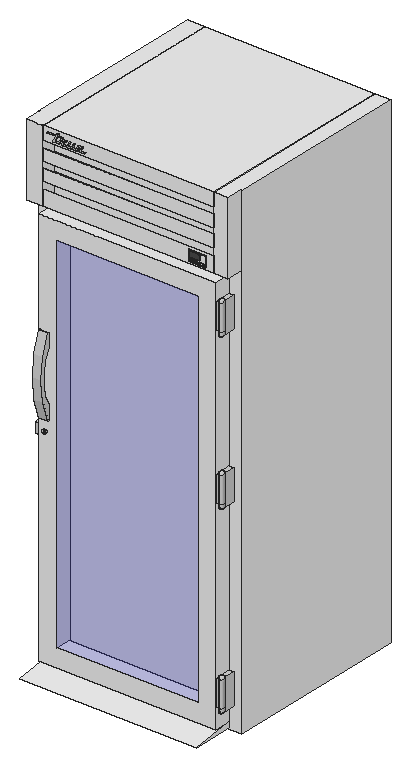
Revit family
Parameters
  Weight in Pounds = 0
  Watts = Volts * FL Amps  # 1023.5 W
  Volts = 115 V
  URL Cutsheet = "www.truemfg.com"
  URL = "www.truemfg.com"
  Type Mark [instance] = ""
  Type Comments = ""
  Status [instance] = ""
  Specification by User [instance] = ""
  Specification by Manufacturer = ""
  Show Logo [instance] = yes
  Show Clearance [instance] = yes
  Serial Number = ""
  Seismic Rating = ""
  SMACNA No = ""
  Revision Code [instance] = ""
  Phase = 1
  Omniclass Number and Title = ""
  Number of Poles [instance] = 1
  NAFEM Spec ID Number = ""
  Model = "STR1RRI-1G"
  Min Ckt Ampacity = 0 A
  Max Overcurrent Protection = 0 A
  Masterspec = ""
  Manufacturer = "TRUE FOOD SERVICE EQUIPMENT, INC."
  Length = 35"
  Item Number [instance] = ""
  Installed By [instance] = ""
  Identify Quantity as Lot [instance] = yes
  Height = 83 3/4"
  HP = "1/3"
  Furnished By [instance] = ""
  Foodservice Equipment Identifier [instance] = yes
  FL Amps = 8.9 A
  Electrical Remarks [instance] = ""
  Electric Connection Type [instance] = ""
  Elec Conn RI Height [instance] = 0"
  Elec Conn Connection Height [instance] = 0"
  Description = "Roll-in Glass Swing Door Refrigerator"
  Depth = 34 3/4"
  Cycle = 60 Hz
  Conn Plug = "5-15P"
  Conn Conduit = yes
  CSI MasterFormat = ""
  CSI Master Format = ""
  Apparent Power = if(Phase = 3, Volts * FL Amps * 1.73, Volts * FL Amps)  # 1023.5 VA
Reference planes (in)
  plane 1 "BACK": y = 0
  plane 2: z = 0
  plane 3 "LEFT": x = 0
  plane 4 "RIGHT": x = 35
  plane 5 "FRONT": y = -34.75
  plane 6 "TOP": z = 83.75
  plane 7: x = 2.84375
  plane 8: y = -34.7042
  plane 9: x = 32.15625
  plane 10: z = 69.90625
Forms (in)
  Extrusion 1, solid, material "QF_Finishes_Chrome - Satin"
    sketch origin (0.05, 0, 0) x (1, 0, 0) y (0, 1, 0)
      loop
        line (-0.05, 0) -> (-0.05, -32) -> (2.87859, -32) -> (2.87859, 0) -> (-0.05, 0)
    from 0 to 83.75
  Extrusion 2, solid, material "QF_Finishes_Chrome - Satin"
    sketch origin (50.15, 0, 0) x (1, 0, 0) y (0, 1, 0)
      loop
        line (-17.85, 0) -> (-17.85, -32) -> (-15.15, -32) -> (-15.15, 0) -> (-17.85, 0)
    from 0 to 83.75
  Extrusion 3, solid, material "QF_Finishes_Chrome - Satin"
    sketch origin (0, 0, 0) x (0, 1, 0) y (0, 0, 1)
      loop
        line (-34.7042, 71.28125) -> (-32, 71.28125) -> (-32, 0) -> (0, 0) -> (0, 83.75) -> (-34.7042, 83.75) -> (-34.7042, 81.46828) -> (-32.5, 79.90102) -> (-32.5, 78.77875) -> (-34.7042, 80.34601) -> (-34.7042, 78.2123) -> (-32.5, 76.64504) -> (-32.5, 75.68428) -> (-34.7042, 77.25154) -> (-34.7042, 75.15534) -> (-32.5, 73.58807) -> (-32.5, 72.3125) -> (-34.7042, 73.87976) -> (-34.7042, 71.28125)
    from 2.92859 to 32.3
  Extrusion 4, solid, material "QF_Finishes_Chrome - Satin"
    sketch origin (0, 0, 0) x (1, 0, 0) y (0, 1, 0)
      loop
        line (34.84782, -32) -> (32.3, -32) -> (32.3, -34.75) -> (34.84782, -34.75) -> (34.84782, -32)
    from 71.28125 to 83.75
  Extrusion 5, solid, material "QF_Finishes_Chrome - Satin"
    sketch origin (-50.125, 0, 0.25) x (1, 0, 0) y (0, 1, 0)
      loop
        line (53.05359, -32) -> (50.24109, -32) -> (50.24109, -34.75) -> (53.05359, -34.75) -> (53.05359, -32)
    from 71.03125 to 83.5
  Extrusion 6, solid, material "QF_Finishes_Handrails and Railings", visible <- "Show Logo"
    sketch origin (0.33478, 0.06376, 5.01857) x (1, 0, 0) y (0, 0, 1)
      loop
        line (3.46044, 78.08731) -> (3.35478, 77.86073) -> (4.76027, 77.86073)
        arc (4.76027, 77.86073) -> (4.78879, 77.81028) -> (4.76027, 77.75984) r 0.05887
        line (4.76027, 77.75984) -> (4.39369, 76.97372)
        arc (4.39369, 76.97372) -> (4.39051, 76.90091) -> (4.43975, 76.84717) r 0.09523
        line (4.43975, 76.84717) -> (5.33844, 76.84717)
        arc (5.33844, 76.84717) -> (5.45192, 76.88295) -> (5.52436, 76.97735) r 0.19785
        line (5.52436, 76.97735) -> (5.81285, 77.59601) -> (6.0779, 77.59601)
        arc (6.0779, 77.59601) -> (6.14744, 77.57043) -> (6.13737, 77.49703) r 0.05911
        line (6.13737, 77.49703) -> (5.89598, 76.97937)
        arc (5.89598, 76.97937) -> (5.89974, 76.8934) -> (5.97231, 76.84717) r 0.09318
        line (5.97231, 76.84717) -> (6.76198, 76.84717)
        arc (6.76198, 76.84717) -> (6.82249, 76.86919) -> (6.85468, 76.92495) r 0.09412
        arc (6.85468, 76.92495) -> (6.87746, 76.86995) -> (6.93246, 76.84717) r 0.07778
        line (6.93246, 76.84717) -> (7.43246, 76.84717)
        arc (7.43246, 76.84717) -> (7.49022, 76.86265) -> (7.53251, 76.90493) r 0.11552
        arc (7.53251, 76.90493) -> (7.55275, 76.85606) -> (7.60162, 76.83581) r 0.06912
        line (7.60162, 76.83581) -> (8.31225, 76.83581)
        arc (8.31225, 76.83581) -> (8.37034, 76.85988) -> (8.39441, 76.91797) r 0.08216
        arc (8.39441, 76.91797) -> (8.44767, 76.86472) -> (8.52042, 76.84522) r 0.14551
        line (8.52042, 76.84522) -> (9.85158, 76.84522) -> (9.99946, 77.10134) -> (8.65678, 77.10134)
        arc (8.65678, 77.10134) -> (8.61972, 77.12704) -> (8.61834, 77.17211) r 0.05009
        line (8.61834, 77.17211) -> (8.64157, 77.22192)
        arc (8.64157, 77.22192) -> (8.67723, 77.26864) -> (8.73327, 77.28635) r 0.09747
        line (8.73327, 77.28635) -> (9.16485, 77.28635)
        arc (9.16485, 77.28635) -> (9.258, 77.31131) -> (9.32619, 77.3795) r 0.1863
        line (9.32619, 77.3795) -> (9.45119, 77.59601)
        arc (9.45119, 77.59601) -> (9.45119, 77.71157) -> (9.35111, 77.76934) r 0.11556
        line (9.35111, 77.76934) -> (8.89562, 77.76934)
        arc (8.89562, 77.76934) -> (8.7795, 77.74962) -> (8.69849, 77.66412) r 0.18605
        line (8.69849, 77.66412) -> (8.48204, 77.19993)
        arc (8.48204, 77.19993) -> (8.41815, 77.11667) -> (8.31806, 77.08511) r 0.1745
        line (8.31806, 77.08511) -> (7.84559, 77.08511)
        arc (7.84559, 77.08511) -> (7.78903, 77.14684) -> (7.79268, 77.23048) r 0.10939
        line (7.79268, 77.23048) -> (8.04395, 77.76934) -> (7.88403, 77.76934) -> (7.61781, 77.19844)
        arc (7.61781, 77.19844) -> (7.56609, 77.13103) -> (7.48505, 77.10548) r 0.14128
        line (7.48505, 77.10548) -> (7.15925, 77.10548)
        arc (7.15925, 77.10548) -> (7.10419, 77.17723) -> (7.116, 77.26689) r 0.11816
        line (7.116, 77.26689) -> (7.3503, 77.76934) -> (7.18514, 77.76934) -> (6.91546, 77.191)
        arc (6.91546, 77.191) -> (6.85285, 77.12839) -> (6.76733, 77.10548) r 0.17104
        line (6.76733, 77.10548) -> (6.29555, 77.10548)
        arc (6.29555, 77.10548) -> (6.21082, 77.14499) -> (6.20267, 77.23813) r 0.0935
        line (6.20267, 77.23813) -> (6.35774, 77.57069) -> (6.57695, 77.57069)
        arc (6.57695, 77.57069) -> (6.61395, 77.68217) -> (6.69267, 77.76934) r 0.2857
        line (6.69267, 77.76934) -> (5.83605, 77.76934)
        arc (5.83605, 77.76934) -> (5.74086, 77.74824) -> (5.67498, 77.67635) r 0.16212
        line (5.67498, 77.67635) -> (5.44279, 77.17841)
        arc (5.44279, 77.17841) -> (5.3894, 77.12502) -> (5.31647, 77.10548) r 0.14586
        line (5.31647, 77.10548) -> (4.80506, 77.10548)
        arc (4.80506, 77.10548) -> (4.76514, 77.15942) -> (4.77274, 77.22609) r 0.09155
        line (4.77274, 77.22609) -> (5.11018, 77.86073) -> (5.96155, 77.86073) -> (6.06721, 78.08731) -> (5.21584, 78.08731) -> (5.32149, 78.31388) -> (5.01862, 78.31388) -> (4.91297, 78.08731) -> (3.46044, 78.08731)
      loop
        arc (8.83805, 77.56363) -> (8.80119, 77.55375) -> (8.7742, 77.52676) r 0.07373
        line (8.7742, 77.52676) -> (8.75229, 77.45936)
        arc (8.75229, 77.45936) -> (8.76245, 77.43483) -> (8.78699, 77.42466) r 0.0347
        line (8.78699, 77.42466) -> (9.15948, 77.42466)
        arc (9.15948, 77.42466) -> (9.18632, 77.43061) -> (9.20812, 77.44734) r 0.0635
        line (9.20812, 77.44734) -> (9.22624, 77.53122)
        arc (9.22624, 77.53122) -> (9.22091, 77.55368) -> (9.20009, 77.56363) r 0.02676
        line (9.20009, 77.56363) -> (8.83805, 77.56363)
    from 34.76797 to 34.83173
  Extrusion 7, solid, material "QF_Finishes_White"
    sketch origin (-22.74812, 0.0458, -7.91247) x (1, 0, 0) y (0, 0, 1)
      loop
        line (50.81732, 81.35727) -> (50.81732, 79.60996) -> (53.72357, 79.60996) -> (53.72357, 81.35727) -> (50.81732, 81.35727)
    from 34.75 to 34.76797
  Extrusion 8, solid, material "QF_Finishes_Black"
    sketch origin (-22.74812, 0.0458, -7.91247) x (1, 0, 0) y (0, 0, 1)
      loop
        line (53.78607, 81.41977) -> (50.75482, 81.41977) -> (50.75482, 79.54746) -> (53.78607, 79.54746) -> (53.78607, 81.41977)
      loop
        spline (50.95482, 79.87872) -> (50.96333, 79.86254) -> (50.98831, 79.84747) -> (51.02804, 79.83452) -> (51.07982, 79.82459) -> (51.14011, 79.81835) -> (51.20482, 79.81622) -> (51.26952, 79.81835) -> (51.32982, 79.82459) -> (51.38159, 79.83452) -> (51.42132, 79.84747) -> (51.4463, 79.86254) -> (51.45482, 79.87872)
        spline (51.45482, 79.87872) -> (51.4463, 79.89489) -> (51.42132, 79.90997) -> (51.38159, 79.92291) -> (51.32982, 79.93284) -> (51.26952, 79.93909) -> (51.20482, 79.94122) -> (51.14011, 79.93909) -> (51.07982, 79.93284) -> (51.02804, 79.92291) -> (50.98831, 79.90997) -> (50.96333, 79.89489) -> (50.95482, 79.87872)
      loop
        spline (51.65083, 79.87872) -> (51.65935, 79.86254) -> (51.68432, 79.84747) -> (51.72405, 79.83452) -> (51.77583, 79.82459) -> (51.83612, 79.81835) -> (51.90083, 79.81622) -> (51.96553, 79.81835) -> (52.02583, 79.82459) -> (52.07761, 79.83452) -> (52.11734, 79.84747) -> (52.14231, 79.86254) -> (52.15083, 79.87872)
        spline (52.15083, 79.87872) -> (52.14231, 79.89489) -> (52.11734, 79.90997) -> (52.07761, 79.92291) -> (52.02583, 79.93284) -> (51.96553, 79.93909) -> (51.90083, 79.94122) -> (51.83612, 79.93909) -> (51.77583, 79.93284) -> (51.72405, 79.92291) -> (51.68432, 79.90997) -> (51.65935, 79.89489) -> (51.65083, 79.87872)
      loop
        spline (52.40083, 79.87872) -> (52.40935, 79.86254) -> (52.43432, 79.84747) -> (52.47405, 79.83452) -> (52.52583, 79.82459) -> (52.58612, 79.81835) -> (52.65083, 79.81622) -> (52.71553, 79.81835) -> (52.77583, 79.82459) -> (52.82761, 79.83452) -> (52.86734, 79.84747) -> (52.89231, 79.86254) -> (52.90083, 79.87872)
        spline (52.90083, 79.87872) -> (52.89231, 79.89489) -> (52.86734, 79.90997) -> (52.82761, 79.92291) -> (52.77583, 79.93284) -> (52.71553, 79.93909) -> (52.65083, 79.94122) -> (52.58612, 79.93909) -> (52.52583, 79.93284) -> (52.47405, 79.92291) -> (52.43432, 79.90997) -> (52.40935, 79.89489) -> (52.40083, 79.87872)
      loop
        line (50.95481, 81.21978) -> (50.95481, 80.21978) -> (52.65433, 80.21978) -> (52.65433, 81.21978) -> (50.95481, 81.21978)
      loop
        line (53.72357, 81.35727) -> (50.81732, 81.35727) -> (50.81732, 79.60996) -> (53.72357, 79.60996) -> (53.72357, 81.35727)
      loop
        spline (53.15083, 79.87872) -> (53.15935, 79.86254) -> (53.18432, 79.84747) -> (53.22405, 79.83452) -> (53.27583, 79.82459) -> (53.33612, 79.81835) -> (53.40083, 79.81622) -> (53.46553, 79.81835) -> (53.52583, 79.82459) -> (53.57761, 79.83452) -> (53.61734, 79.84747) -> (53.64231, 79.86254) -> (53.65083, 79.87872)
        spline (53.65083, 79.87872) -> (53.64231, 79.89489) -> (53.61734, 79.90997) -> (53.57761, 79.92291) -> (53.52583, 79.93284) -> (53.46553, 79.93909) -> (53.40083, 79.94122) -> (53.33612, 79.93909) -> (53.27583, 79.93284) -> (53.22405, 79.92291) -> (53.18432, 79.90997) -> (53.15935, 79.89489) -> (53.15083, 79.87872)
    from 34.76797 to 34.80335
  Extrusion 9, solid
    sketch origin (-25.125, 0, 0) x (1, 0, 0) y (0, 0, 1)
      loop
        circle (56.875, 81.625) r 0.25
    from 0 to 0.0625
  Extrusion 10, solid, material "QF_Finishes_Handrails and Railings"
    sketch origin (33.78125, 0, 3) x (0, 1, 0) y (0, 0, -1)
      loop
        line (-32, -64.17729) -> (-32, -58.86127) -> (-34.25, -58.86127) -> (-34.25, -59.57348) -> (-33.81497, -59.57348) -> (-33.81497, -63.97276)
        arc (-33.81497, -63.97276) -> (-33.75506, -64.11738) -> (-33.61044, -64.17729) r 0.20453
        line (-33.61044, -64.17729) -> (-32, -64.17729)
    from 0.17506 to 1
  Revolve 11, solid, material "QF_Finishes_Handrails and Railings"
    sketch origin (33.28125, 0, 3) x (0, 1, 0) y (0, 0, -1)
      loop
        line (-34.26563, -59.62689) -> (-34.67229, -59.62689) -> (-34.67229, -64.0986)
        arc (-34.67229, -64.0986) -> (-34.53722, -64.35057) -> (-34.26563, -64.43983) r 0.3848
        line (-34.26563, -64.43983) -> (-34.26563, -59.62689)
      loop
        line (-34.26563, -59.57348) -> (-34.26563, -58.67281)
        arc (-34.26563, -58.67281) -> (-34.53264, -58.75883) -> (-34.67229, -59.00212) r 0.38884
        line (-34.67229, -59.00212) -> (-34.67229, -59.57348) -> (-34.26563, -59.57348)
      axis (-34.26563, -58.67281) -> (-34.26563, -64.43983)
    angle from 0 to 360
  Extrusion 12, solid, material "QF_Finishes_Handrails and Railings"
    sketch origin (27.5, -1.07734, 3.0011) x (-1, 0, 0) y (0, 0, -1)
      loop
        line (-5.58509, -64.0986) -> (-5.1875, -64.0986) -> (-5.1875, -59.62579) -> (-5.58509, -59.62579) -> (-5.58509, -64.0986)
    from 32.81497 to 33.59495
  Extrusion 13, solid, material "QF_Finishes_Handrails and Railings"
    sketch origin (33.78125, 0, -24) x (0, 1, 0) y (0, 0, -1)
      loop
        line (-32, -64.55229) -> (-32, -59.23627) -> (-34.25, -59.23627) -> (-34.25, -59.94848) -> (-33.81497, -59.94848) -> (-33.81497, -64.34776)
        arc (-33.81497, -64.34776) -> (-33.75506, -64.49238) -> (-33.61044, -64.55229) r 0.20453
        line (-33.61044, -64.55229) -> (-32, -64.55229)
    from 0.17506 to 1
  Revolve 14, solid, material "QF_Finishes_Handrails and Railings"
    sketch origin (33.28125, 0, -24) x (0, 1, 0) y (0, 0, -1)
      loop
        line (-34.26563, -60.00189) -> (-34.67229, -60.00189) -> (-34.67229, -64.4736)
        arc (-34.67229, -64.4736) -> (-34.53722, -64.72557) -> (-34.26563, -64.81483) r 0.3848
        line (-34.26563, -64.81483) -> (-34.26563, -60.00189)
      loop
        line (-34.26563, -59.94848) -> (-34.26563, -59.04781)
        arc (-34.26563, -59.04781) -> (-34.53264, -59.13383) -> (-34.67229, -59.37712) r 0.38884
        line (-34.67229, -59.37712) -> (-34.67229, -59.94848) -> (-34.26563, -59.94848)
      axis (-34.26563, -59.04781) -> (-34.26563, -64.81483)
    angle from 0 to 360
  Extrusion 15, solid, material "QF_Finishes_Handrails and Railings"
    sketch origin (27.5, -1.07734, -23.9989) x (-1, 0, 0) y (0, 0, -1)
      loop
        line (-5.58509, -64.4736) -> (-5.1875, -64.4736) -> (-5.1875, -60.00079) -> (-5.58509, -60.00079) -> (-5.58509, -64.4736)
    from 32.81497 to 33.59495
  Extrusion 16, solid, material "QF_Finishes_Handrails and Railings"
    sketch origin (33.78125, 0, -55.5) x (0, 1, 0) y (0, 0, -1)
      loop
        line (-32, -64.55229) -> (-32, -59.23627) -> (-34.25, -59.23627) -> (-34.25, -59.94848) -> (-33.81497, -59.94848) -> (-33.81497, -64.34776)
        arc (-33.81497, -64.34776) -> (-33.75506, -64.49238) -> (-33.61044, -64.55229) r 0.20453
        line (-33.61044, -64.55229) -> (-32, -64.55229)
    from 0.17506 to 1
  Revolve 17, solid, material "QF_Finishes_Handrails and Railings"
    sketch origin (33.28125, 0, -55.5) x (0, 1, 0) y (0, 0, -1)
      loop
        line (-34.26563, -60.00189) -> (-34.67229, -60.00189) -> (-34.67229, -64.4736)
        arc (-34.67229, -64.4736) -> (-34.53722, -64.72557) -> (-34.26563, -64.81483) r 0.3848
        line (-34.26563, -64.81483) -> (-34.26563, -60.00189)
      loop
        line (-34.26563, -59.94848) -> (-34.26563, -59.04781)
        arc (-34.26563, -59.04781) -> (-34.53264, -59.13383) -> (-34.67229, -59.37712) r 0.38884
        line (-34.67229, -59.37712) -> (-34.67229, -59.94848) -> (-34.26563, -59.94848)
      axis (-34.26563, -59.04781) -> (-34.26563, -64.81483)
    angle from 0 to 360
  Extrusion 18, solid, material "QF_Finishes_Handrails and Railings"
    sketch origin (27.5, -1.07734, -55.4989) x (-1, 0, 0) y (0, 0, -1)
      loop
        line (-5.58509, -64.4736) -> (-5.1875, -64.4736) -> (-5.1875, -60.00079) -> (-5.58509, -60.00079) -> (-5.58509, -64.4736)
    from 32.81497 to 33.59495
  Extrusion 19, solid, material "QF_Finishes_Door Clearance", visible <- "Show Clearance", detail levels coarse
    sketch origin (26.42841, -3.6098, 0) x (1, 0, 0) y (0, 1, 0)
      loop
        line (6.25909, -31.1402) -> (-24.14716, -31.1402)
        arc (-24.14716, -31.1402) -> (-15.24138, -52.64067) -> (6.25909, -61.54645) r 30.40625
        line (6.25909, -61.54645) -> (6.25909, -31.1402)
    from 1 to 69.90625
  Extrusion 20, solid, material "QF_Finishes_Chrome - Satin"
    sketch origin (32.6875, -1, 8.03125) x (0, 0, 1) y (0, -1, 0)
      loop
        line (-8.03125, 37.875) -> (-8.03125, 31) -> (-7.03125, 31) -> (-8.03125, 37.875)
    from 0 to -30.40625
  Extrusion 21, solid, material "QF_Finishes_Chrome - Satin"
    sketch origin (-24.96875, -1, -0.71875) x (1, 0, 0) y (0, 0, 1)
      loop
        line (27.25, 1.71875) -> (57.65625, 1.71875) -> (57.65625, 70.625) -> (27.25, 70.625) -> (27.25, 1.71875)
      loop
        line (30.25, 67.625) -> (30.25, 4.71875) -> (54.65625, 4.71875) -> (54.65625, 67.625) -> (30.25, 67.625)
    from 31 to 33.75
  Extrusion 22, solid, material "QF_Finishes_Handrails and Railings"
    sketch origin (-8.45676, -0.25, 92.42633) x (0, 1, 0) y (0, 0, 1)
      loop
        line (-34.5, -53.875) -> (-34.5, -51.475)
        arc (-34.5, -51.475) -> (-35.65816, -47.075) -> (-34.5, -42.675) r 8.93715
        line (-34.5, -42.675) -> (-34.5, -40.275) -> (-34.7, -40.275)
        arc (-34.7, -40.275) -> (-36.14405, -47.075) -> (-34.7, -53.875) r 16.7325
        line (-34.7, -53.875) -> (-34.5, -53.875)
    from 10.87731 to 12.37731
  Extrusion 23, solid, material "QF_Finishes_Handrails and Railings"
    sketch origin (-23.1875, -1.08467, -3.375) x (1, 0, 0) y (0, 0, 1)
      loop
        circle (26.4375, 40.0625) r 0.35
      loop
        line (26.47265, 40.33635) -> (26.41715, 40.33635) -> (26.41715, 39.76895) -> (26.47265, 39.76895) -> (26.47265, 40.33635)
    from 33.5 to 33.83066
  Blend 24, solid, material "QF_Finishes_Handrails and Railings"
    base sketch origin (27.53125, -1, -1.5) x (-1, 0, 0) y (0, 0, -1)
      loop
        line (25.25, -38.99169) -> (26, -38.99169) -> (26, -37.24169) -> (25.25, -37.24169) -> (25.25, -38.99169)
    top sketch origin (27.53125, 0, -1.5) x (-1, 0, 0) y (0, 0, -1)
      loop
        line (26.18223, -36.6441) -> (25.25, -36.6441) -> (25.25, -39.42643) -> (26.18223, -39.42643) -> (26.18223, -36.6441)
    from 33.57883 to 32
  Extrusion 25, solid, material "Glass"
    sketch origin (-24.96875, -1, -0.71875) x (1, 0, 0) y (0, 0, 1)
      loop
        line (30.25, 67.625) -> (30.25, 4.71875) -> (54.65625, 4.71875) -> (54.65625, 67.625) -> (30.25, 67.625)
    from 31 to 33.75
Cuts and joins
  joined: Extrusion 1, Extrusion 2, Extrusion 4, Extrusion 5
Lines and regions (in)
  symbolic lines
    curve 1: line (0, 0, 0) -> (35, 0, 0)
    curve 2: line (0, -34.75, 0) -> (0, 0, 0)
    curve 3: line (35, -34.75, 0) -> (0, -34.75, 0)
    curve 4: line (35, 0, 0) -> (35, -34.75, 0)
    curve 5: line (35, -32.5, 0) -> (0, -32.5, 0)
    curve 8: line (3.92055, -36.39405, 0) -> (3.92055, -34.75, 0)
    curve 9: line (3.92055, -36.39405, 0) -> (2.42055, -36.39405, 0)
    curve 10: line (2.42055, -34.75, 0) -> (2.42055, -36.39405, 0)
  symbolic lines, style "QF-Door Swings", visible <- "Show Clearance", detail levels coarse
    curve 6: line (32.6875, -34.75, 0) -> (32.6875, -65.15625, 0)
    curve 7: arc (32.6875, -65.15625, 0) -> (11.18703, -56.25047, 0) -> (2.28125, -34.75, 0) r 30.40625
Dimensions and locks (in)
  "Depth": plane 5 "FRONT" to plane 1 "BACK"
  plane 6 "TOP" to level = 83 3/4"  (x2)
  "Length": plane 3 "LEFT" to plane 4 "RIGHT"
  plane 4 "RIGHT" to plane 3 "LEFT" = 35"
  plane 10 to level = 69 29/32"
  Extrusion 21 sketch curve to Extrusion 21 sketch curve = 30 13/32"
  aligned and locked: level to plane 2
Automatic sketch dimensions
  Extrusion 1 sketch curve to plane 3 "LEFT" = 0"
  plane 1 "BACK" to Extrusion 1 sketch curve = 0"
  Extrusion 1 sketch curve to Extrusion 1 sketch curve = 2.92859"
  Extrusion 1 sketch curve to plane 5 "FRONT" = 2 3/4"
  plane 1 "BACK" to Extrusion 2 sketch curve = 0"
  Extrusion 2 sketch curve to plane 4 "RIGHT" = 0"
  Extrusion 2 sketch curve to plane 5 "FRONT" = 2 3/4"
  plane 5 "FRONT" to Extrusion 4 sketch curve = 0"
  Extrusion 4 sketch curve to plane 4 "RIGHT" = 0.15218"
  Extrusion 4 sketch curve to plane 5 "FRONT" = 2 3/4"
  plane 5 "FRONT" to Extrusion 5 sketch curve = 0"
  plane 3 "LEFT" to Extrusion 5 sketch curve = 0.11609"
  Extrusion 5 sketch curve to Extrusion 5 sketch curve = 2 13/16"
  Extrusion 5 sketch curve to plane 5 "FRONT" = 2 3/4"
  plane 3 "LEFT" to Extrusion 6 sketch curve = 3.68957"
  Extrusion 6 sketch curve to Extrusion 6 sketch curve = 0.10565"  (x5)
  Extrusion 6 sketch curve to Extrusion 6 sketch curve = 1.03891"
  Extrusion 6 sketch curve to Extrusion 6 sketch curve = 0.04606"
  Extrusion 6 sketch curve to Extrusion 6 sketch curve = 0.04025"
  Extrusion 6 sketch curve to Extrusion 6 sketch curve = 0.33624"
  Extrusion 6 sketch curve to Extrusion 6 sketch curve = 0.03034"  (x2)
  Extrusion 6 sketch curve to Extrusion 6 sketch curve = 0.29274"
  Extrusion 6 sketch curve to Extrusion 6 sketch curve = 0.03232"
  Extrusion 6 sketch curve to Extrusion 6 sketch curve = 0.08083"
  Extrusion 6 sketch curve to Extrusion 6 sketch curve = 0.1527"
  Extrusion 6 sketch curve to Extrusion 6 sketch curve = 0.19721"
  Extrusion 6 sketch curve to Extrusion 6 sketch curve = 0.4629"
  Extrusion 6 sketch curve to Extrusion 6 sketch curve = 0.02197"
  Extrusion 6 sketch curve to Extrusion 6 sketch curve = 0.12632"
  Extrusion 6 sketch curve to Extrusion 6 sketch curve = 0.18591"
  Extrusion 6 sketch curve to Extrusion 6 sketch curve = 0.2322"
  Extrusion 6 sketch curve to Extrusion 6 sketch curve = 0.13786"
  Extrusion 6 sketch curve to Extrusion 6 sketch curve = 0.00907"
  Extrusion 6 sketch curve to Extrusion 6 sketch curve = 0.01413"
  Extrusion 6 sketch curve to Extrusion 6 sketch curve = 0.37162"
  Extrusion 6 sketch curve to Extrusion 6 sketch curve = 0.12551"
  Extrusion 6 sketch curve to Extrusion 6 sketch curve = 0.07633"
  Extrusion 6 sketch curve to Extrusion 6 sketch curve = 0.08445"
  Extrusion 6 sketch curve to Extrusion 6 sketch curve = 0.25598"
  Extrusion 6 sketch curve to Extrusion 6 sketch curve = 0.01887"
  Extrusion 6 sketch curve to Extrusion 6 sketch curve = 0.04061"
  Extrusion 6 sketch curve to Extrusion 6 sketch curve = 0.0653"
  Extrusion 6 sketch curve to Extrusion 6 sketch curve = 0.08474"
  Extrusion 6 sketch curve to Extrusion 6 sketch curve = 0.00815"
  Extrusion 6 sketch curve to Extrusion 6 sketch curve = 0.22037"
  Extrusion 6 sketch curve to Extrusion 6 sketch curve = 0.21921"
  Extrusion 6 sketch curve to Extrusion 6 sketch curve = 0.11572"
  Extrusion 6 sketch curve to Extrusion 6 sketch curve = 0.46643"
  Extrusion 6 sketch curve to Extrusion 6 sketch curve = 0.00535"
  Extrusion 6 sketch curve to Extrusion 6 sketch curve = 0.09269"
  Extrusion 6 sketch curve to Extrusion 6 sketch curve = 0.09348"
  Extrusion 6 sketch curve to Extrusion 6 sketch curve = 0.14812"
  Extrusion 6 sketch curve to Extrusion 6 sketch curve = 0.07778"  (x3)
  Extrusion 6 sketch curve to Extrusion 6 sketch curve = 0.20054"
  Extrusion 6 sketch curve to Extrusion 6 sketch curve = 0.04325"
  Extrusion 6 sketch curve to Extrusion 6 sketch curve = 0.32433"
  Extrusion 6 sketch curve to Extrusion 6 sketch curve = 0.10233"  (x2)
  Extrusion 6 sketch curve to Extrusion 6 sketch curve = 0.16515"
  Extrusion 6 sketch curve to Extrusion 6 sketch curve = 0.27321"
  Extrusion 6 sketch curve to Extrusion 6 sketch curve = 0.0526"
  Extrusion 6 sketch curve to Extrusion 6 sketch curve = 0.10005"
  Extrusion 6 sketch curve to Extrusion 6 sketch curve = 0.06912"
  Extrusion 6 sketch curve to Extrusion 6 sketch curve = 0.13276"
  Extrusion 6 sketch curve to Extrusion 6 sketch curve = 0.17486"
  Extrusion 6 sketch curve to Extrusion 6 sketch curve = 0.05291"
  Extrusion 6 sketch curve to Extrusion 6 sketch curve = 0.53374"
  Extrusion 6 sketch curve to Extrusion 6 sketch curve = 0.09914"  (x2)
  Extrusion 6 sketch curve to Extrusion 6 sketch curve = 0.15992"
  Extrusion 6 sketch curve to Extrusion 6 sketch curve = 0.46666"
  Extrusion 6 sketch curve to Extrusion 6 sketch curve = 0.00582"
  Extrusion 6 sketch curve to Extrusion 6 sketch curve = 0.08216"
  Extrusion 6 sketch curve to Extrusion 6 sketch curve = 0.16397"
  Extrusion 6 sketch curve to Extrusion 6 sketch curve = 0.12601"
  Extrusion 6 sketch curve to Extrusion 6 sketch curve = 0.1363"
  Extrusion 6 sketch curve to Extrusion 6 sketch curve = 0.02323"
  Extrusion 6 sketch curve to Extrusion 6 sketch curve = 0.03844"
  Extrusion 6 sketch curve to Extrusion 6 sketch curve = 0.0454"
  Extrusion 6 sketch curve to Extrusion 6 sketch curve = 0.05693"
  Extrusion 6 sketch curve to Extrusion 6 sketch curve = 0.0917"
  Extrusion 6 sketch curve to Extrusion 6 sketch curve = 0.01902"
  Extrusion 6 sketch curve to Extrusion 6 sketch curve = 0.02191"
  Extrusion 6 sketch curve to Extrusion 6 sketch curve = 0.0347"
  Extrusion 6 sketch curve to Extrusion 6 sketch curve = 0.06385"
  Extrusion 6 sketch curve to Extrusion 6 sketch curve = 0.02906"
  Extrusion 6 sketch curve to Extrusion 6 sketch curve = 0.02851"
  Extrusion 6 sketch curve to Extrusion 6 sketch curve = 0.29237"
  Extrusion 6 sketch curve to Extrusion 6 sketch curve = 0.00537"
  Extrusion 6 sketch curve to Extrusion 6 sketch curve = 0.0406"
  Extrusion 6 sketch curve to Extrusion 6 sketch curve = 0.04327"
  Extrusion 6 sketch curve to Extrusion 6 sketch curve = 0.02615"
  Extrusion 6 sketch curve to Extrusion 6 sketch curve = 0.11806"
  Extrusion 6 sketch curve to Extrusion 6 sketch curve = 0.15103"
  Extrusion 6 sketch curve to Extrusion 6 sketch curve = 0.10007"
  Extrusion 6 sketch curve to Extrusion 6 sketch curve = 0.5254"
  Extrusion 6 sketch curve to Extrusion 6 sketch curve = 0.14787"
  Extrusion 6 sketch curve to plane 6 "TOP" = 1.89562"
  Extrusion 6 sketch curve to Extrusion 6 sketch curve = 0.07275"
  Extrusion 6 sketch curve to Extrusion 6 sketch curve = 0.05776"
  Extrusion 6 sketch curve to Extrusion 6 sketch curve = 0.08631"
  Extrusion 6 sketch curve to Extrusion 6 sketch curve = 0.09282"
  Extrusion 6 sketch curve to Extrusion 6 sketch curve = 0.13018"
  Extrusion 6 sketch curve to Extrusion 6 sketch curve = 0.16714"
  Extrusion 6 sketch curve to Extrusion 6 sketch curve = 0.11061"
  Extrusion 6 sketch curve to Extrusion 6 sketch curve = 0.06046"
  Extrusion 6 sketch curve to Extrusion 6 sketch curve = 0.16548"
  Extrusion 6 sketch curve to Extrusion 6 sketch curve = 0.14279"
  Extrusion 6 sketch curve to Extrusion 6 sketch curve = 0.0496"
  Extrusion 6 sketch curve to Extrusion 6 sketch curve = 0.07293"
  Extrusion 6 sketch curve to Extrusion 6 sketch curve = 0.07764"
  Extrusion 6 sketch curve to Extrusion 6 sketch curve = 0.03794"
  Extrusion 6 sketch curve to Extrusion 6 sketch curve = 0.08552"
  Extrusion 6 sketch curve to Extrusion 6 sketch curve = 0.09296"
  Extrusion 6 sketch curve to Extrusion 6 sketch curve = 0.09314"
  Extrusion 6 sketch curve to Extrusion 6 sketch curve = 0.02781"
  Extrusion 6 sketch curve to Extrusion 6 sketch curve = 0.04981"
  Extrusion 6 sketch curve to Extrusion 6 sketch curve = 0.09315"
  Extrusion 6 sketch curve to Extrusion 6 sketch curve = 0.04799"
  Extrusion 6 sketch curve to Extrusion 6 sketch curve = 0.02531"
  Extrusion 6 sketch curve to Extrusion 6 sketch curve = 0.03054"
  Extrusion 6 sketch curve to Extrusion 6 sketch curve = 0.2589"
  Extrusion 6 sketch curve to Extrusion 6 sketch curve = 0.0674"
  Extrusion 6 sketch curve to Extrusion 6 sketch curve = 0.0324"
  Extrusion 6 sketch curve to Extrusion 6 sketch curve = 0.26185"
  Extrusion 6 sketch curve to Extrusion 6 sketch curve = 11/256"
  Extrusion 6 sketch curve to Extrusion 6 sketch curve = 0.07366"
  Extrusion 6 sketch curve to Extrusion 6 sketch curve = 0.02187"
  Extrusion 6 sketch curve to Extrusion 6 sketch curve = 0.06479"
  Extrusion 6 sketch curve to Extrusion 6 sketch curve = 0.01183"
  Extrusion 6 sketch curve to Extrusion 6 sketch curve = 0.05778"
  Extrusion 6 sketch curve to Extrusion 6 sketch curve = 0.53375"
  Extrusion 6 sketch curve to Extrusion 6 sketch curve = 0.23098"
  Extrusion 6 sketch curve to Extrusion 6 sketch curve = 0"
  Extrusion 6 sketch curve to Extrusion 6 sketch curve = 0.05045"
  Extrusion 6 sketch curve to Extrusion 6 sketch curve = 0.09139"
  Extrusion 6 sketch curve to Extrusion 6 sketch curve = 29/128"  (x3)
  Extrusion 9 sketch curve to plane 6 "TOP" = 2 1/8"
  Extrusion 10 sketch curve to plane 5 "FRONT" = 1/2"
  Extrusion 10 sketch curve to Extrusion 10 sketch curve = 0.43503"
  Extrusion 10 sketch curve to Extrusion 10 sketch curve = 0.20453"
  Extrusion 10 sketch curve to Extrusion 10 sketch curve = 1.61044"
  Extrusion 10 sketch curve to plane 6 "TOP" = 16.57271"
  Extrusion 10 sketch curve to Extrusion 10 sketch curve = 4.39928"
  Extrusion 10 sketch curve to Extrusion 10 sketch curve = 0.71221"
  Revolve 11 sketch curve to plane 5 "FRONT" = 0.07771"  (x2)
  Revolve 11 sketch curve to Revolve 11 sketch curve = 0.38242"
  Revolve 11 sketch curve to Revolve 11 sketch curve = 0.38436"
  Revolve 11 sketch curve to plane 5 "FRONT" = 31/64"
  Revolve 11 sketch curve to Revolve 11 sketch curve = 0.40666"
  Revolve 11 sketch curve to Revolve 11 sketch curve = 0"
  Revolve 11 sketch curve to plane 6 "TOP" = 15.75492"
  Revolve 11 sketch curve to Revolve 11 sketch curve = 0.55526"
  Revolve 11 sketch curve to Revolve 11 sketch curve = 0.19474"
  Revolve 11 sketch curve to Revolve 11 sketch curve = 0.14649"
  Revolve 11 sketch curve to Revolve 11 sketch curve = 4.42889"
  Revolve 11 sketch curve to Revolve 11 sketch curve = 0.05342"
  Revolve 11 sketch curve to Revolve 11 sketch curve = 0.51246"
  Revolve 11 sketch curve to Revolve 11 sketch curve = 0.05889"
  Extrusion 12 sketch curve to Extrusion 12 sketch curve = 0.39759"
  Extrusion 12 sketch curve to plane 6 "TOP" = 16.6503"
  Extrusion 12 sketch curve to Extrusion 12 sketch curve = 4.47281"
  Extrusion 13 sketch curve to plane 5 "FRONT" = 1/2"
  Extrusion 13 sketch curve to Extrusion 13 sketch curve = 0.43503"
  Extrusion 13 sketch curve to Extrusion 13 sketch curve = 0.20453"
  Extrusion 13 sketch curve to Extrusion 13 sketch curve = 1.61044"
  Extrusion 13 sketch curve to Extrusion 13 sketch curve = 4.39928"
  Extrusion 13 sketch curve to Extrusion 13 sketch curve = 0.71221"
  Revolve 14 sketch curve to plane 5 "FRONT" = 0.07771"  (x2)
  Revolve 14 sketch curve to Revolve 14 sketch curve = 0.38242"
  Revolve 14 sketch curve to Revolve 14 sketch curve = 0.38436"
  Revolve 14 sketch curve to plane 5 "FRONT" = 31/64"
  Revolve 14 sketch curve to Revolve 14 sketch curve = 0.40666"
  Revolve 14 sketch curve to Revolve 14 sketch curve = 0"
  Revolve 14 sketch curve to Revolve 14 sketch curve = 0.55526"
  Revolve 14 sketch curve to Revolve 14 sketch curve = 0.19474"
  Revolve 14 sketch curve to Revolve 14 sketch curve = 0.14649"
  Revolve 14 sketch curve to Revolve 14 sketch curve = 4.42889"
  Revolve 14 sketch curve to Revolve 14 sketch curve = 0.05342"
  Revolve 14 sketch curve to Revolve 14 sketch curve = 0.51246"
  Revolve 14 sketch curve to Revolve 14 sketch curve = 0.05889"
  Extrusion 15 sketch curve to Extrusion 15 sketch curve = 0.39759"
  Extrusion 15 sketch curve to Extrusion 15 sketch curve = 4.47281"
  Extrusion 16 sketch curve to plane 5 "FRONT" = 1/2"
  Extrusion 16 sketch curve to Extrusion 16 sketch curve = 0.43503"
  Extrusion 16 sketch curve to Extrusion 16 sketch curve = 0.20453"
  Extrusion 16 sketch curve to Extrusion 16 sketch curve = 1.61044"
  Extrusion 16 sketch curve to Extrusion 16 sketch curve = 0.71221"
  Revolve 17 sketch curve to plane 5 "FRONT" = 0.07771"  (x2)
  Revolve 17 sketch curve to Revolve 17 sketch curve = 0.38242"
  Revolve 17 sketch curve to Revolve 17 sketch curve = 0.38436"
  Revolve 17 sketch curve to plane 5 "FRONT" = 31/64"
  Revolve 17 sketch curve to Revolve 17 sketch curve = 0.40666"
  Revolve 17 sketch curve to Revolve 17 sketch curve = 0"
  Revolve 17 sketch curve to Revolve 17 sketch curve = 0.55526"
  Revolve 17 sketch curve to Revolve 17 sketch curve = 0.19474"
  Revolve 17 sketch curve to Revolve 17 sketch curve = 0.14649"
  Revolve 17 sketch curve to Revolve 17 sketch curve = 0.05342"
  Revolve 17 sketch curve to Revolve 17 sketch curve = 0.51246"
  Revolve 17 sketch curve to Revolve 17 sketch curve = 0.05889"
  Extrusion 18 sketch curve to Extrusion 18 sketch curve = 0.39759"
  Extrusion 3 sketch curve to plane 8 = 0"  (x4)
  Extrusion 3 sketch curve to plane 6 "TOP" = 0"
  plane 8 to Extrusion 3 sketch curve = 2.2042"  (x2)
  Extrusion 3 sketch curve to Extrusion 3 sketch curve = 0"
  Extrusion 3 sketch curve to Extrusion 3 sketch curve = 1/2"
  plane 1 "BACK" to Extrusion 3 sketch curve = 0"
  Extrusion 3 sketch curve to plane 6 "TOP" = 2.28172"
  Extrusion 3 sketch curve to Extrusion 3 sketch curve = 1.12227"  (x2)
  Extrusion 3 sketch curve to Extrusion 3 sketch curve = 0.445"
  Extrusion 3 sketch curve to Extrusion 3 sketch curve = 2.13371"  (x2)
  Extrusion 3 sketch curve to Extrusion 3 sketch curve = 0.96076"  (x2)
  Extrusion 3 sketch curve to Extrusion 3 sketch curve = 2.0962"  (x2)
  Extrusion 3 sketch curve to Extrusion 3 sketch curve = 1.27557"  (x2)
  Extrusion 3 sketch curve to Extrusion 3 sketch curve = 1 1/32"
  Extrusion 2 sketch curve to plane 4 "RIGHT" = 2.7"
  Extrusion 4 sketch curve to Extrusion 4 sketch curve = 2.54782"
  Extrusion 9 sketch curve to plane 4 "RIGHT" = 3 1/4"
  Extrusion 12 sketch curve to plane 4 "RIGHT" = 1.91491"
  Extrusion 15 sketch curve to plane 4 "RIGHT" = 1.91491"
  Extrusion 18 sketch curve to plane 4 "RIGHT" = 1.91491"
  Extrusion 8 sketch curve to Extrusion 8 sketch curve = 1/4"  (x4)
  Extrusion 8 sketch curve to Extrusion 8 sketch curve = 0.4965"
  Extrusion 8 sketch curve to Extrusion 8 sketch curve = 0.0035"
  Extrusion 8 sketch curve to Extrusion 8 sketch curve = 1/2"
  Extrusion 8 sketch curve to Extrusion 8 sketch curve = 0.44601"
  Extrusion 8 sketch curve to Extrusion 8 sketch curve = 0"  (x3)
  Extrusion 8 sketch curve to Extrusion 8 sketch curve = 0.1375"  (x2)
  Extrusion 8 sketch curve to Extrusion 8 sketch curve = 1/16"  (x4)
  Extrusion 8 sketch curve to plane 6 "TOP" = 12.11501"
  Extrusion 8 sketch curve to Extrusion 8 sketch curve = 0.26876"  (x2)
  Extrusion 8 sketch curve to Extrusion 8 sketch curve = 0.34106"
  Extrusion 8 sketch curve to plane 6 "TOP" = 10.44269"
  Extrusion 7 sketch curve to plane 6 "TOP" = 10.30519"
  Extrusion 7 sketch curve to Extrusion 7 sketch curve = 1.74732"
  Extrusion 7 sketch curve to plane 4 "RIGHT" = 6.9308"
  Extrusion 7 sketch curve to Extrusion 7 sketch curve = 2 29/32"
  Extrusion 8 sketch curve to plane 4 "RIGHT" = 6.9933"
  Extrusion 8 sketch curve to Extrusion 8 sketch curve = 1.06923"
  level to Extrusion 3 sketch curve = 0"
  level to Extrusion 13 sketch curve = 40.55229"
  level to Revolve 14 sketch curve = 41.37008"
  level to Extrusion 15 sketch curve = 40.4747"
  level to Extrusion 16 sketch curve = 9.05229"
  Extrusion 16 sketch curve to Extrusion 16 sketch curve = 4.39928"
  level to Revolve 17 sketch curve = 9.87008"
  Revolve 17 sketch curve to Revolve 17 sketch curve = 4.42889"
  level to Extrusion 18 sketch curve = 8.9747"
  Extrusion 18 sketch curve to Extrusion 18 sketch curve = 4.47281"
  Extrusion 20 sketch curve to Extrusion 20 sketch curve = 1"
  Extrusion 19 sketch curve to plane 7 = 9/16"
  Extrusion 19 sketch curve to plane 9 = 17/32"
  plane 5 "FRONT" to Extrusion 19 sketch curve = 0"
  Extrusion 20 sketch curve to level = 0"
  Extrusion 20 sketch curve to plane 5 "FRONT" = 2 3/4"
  plane 5 "FRONT" to Extrusion 20 sketch curve = 4 1/8"
  Extrusion 21 sketch curve to plane 7 = 9/16"
  plane 7 to Extrusion 21 sketch curve = 2 7/16"
  plane 9 to Extrusion 21 sketch curve = 2 15/32"
  level to Extrusion 21 sketch curve = 1"
  level to Extrusion 21 sketch curve = 4"
  Extrusion 21 sketch curve to plane 10 = 3"
  Extrusion 21 sketch curve to plane 10 = 0"
  plane 5 "FRONT" to Extrusion 22 sketch curve = 0.2"  (x2)
  plane 5 "FRONT" to Extrusion 22 sketch curve = 0"  (x2)
  Extrusion 22 sketch curve to plane 5 "FRONT" = 7.77899"
  Extrusion 22 sketch curve to Extrusion 22 sketch curve = 7.30945"
  Extrusion 22 sketch curve to plane 10 = 31.35492"
  Extrusion 22 sketch curve to Extrusion 22 sketch curve = 2.4"
  Extrusion 22 sketch curve to Extrusion 22 sketch curve = 4.4"
  Extrusion 22 sketch curve to Extrusion 22 sketch curve = 0"
  plane 7 to Extrusion 23 sketch curve = 0.3859"
  Extrusion 23 sketch curve to Extrusion 23 sketch curve = 0.02035"
  Extrusion 23 sketch curve to Extrusion 23 sketch curve = 0.0555"
  Extrusion 23 sketch curve to plane 10 = 33.5123"
  Extrusion 23 sketch curve to Extrusion 23 sketch curve = 0.29355"
  Extrusion 23 sketch curve to Extrusion 23 sketch curve = 0.27385"
  Blend 24 sketch curve to plane 7 = 9/16"
  Blend 24 sketch curve to Blend 24 sketch curve = 3/4"
  Blend 24 sketch curve to plane 10 = 32.41456"
  Blend 24 sketch curve to Blend 24 sketch curve = 1 3/4"
  plane 7 to Blend 24 sketch curve = 9/16"
  Blend 24 sketch curve to Blend 24 sketch curve = 0.93223"
  plane 10 to Blend 24 sketch curve = 34.76215"
  Blend 24 sketch curve to Blend 24 sketch curve = 2.78233"
  plane 7 to Extrusion 25 sketch curve = 2 7/16"
  plane 9 to Extrusion 25 sketch curve = 2 15/32"
  level to Extrusion 25 sketch curve = 4"
  Extrusion 25 sketch curve to plane 10 = 3"
  plane 1 "BACK" to curve 1 = 0"
  curve 1 to plane 3 "LEFT" = 0"
  plane 5 "FRONT" to curve 10 = 0"
  curve 4 to plane 4 "RIGHT" = 0"
  curve 7 to plane 7 = 9/16"
  curve 10 to plane 7 = 0.4232"
  plane 7 to curve 9 = 1.0768"
  curve 7 to plane 9 = 17/32"
  curve 8 to curve 8 = 1.64405"
  curve 5 to plane 5 "FRONT" = 2 1/4"
  radius of Extrusion 9 sketch curve = 1/4"
  radius of Extrusion 23 sketch curve = 0.35"
Connectors (in)
  electrical at (31.75, -0.0625, 81.625), driven by "Volts", driven by "Watts"
    settings: on Extrusion 9, index 1, voltage 115 V, apparent load 1023.5 VA, apparent load phase1 0 VA, apparent load phase2 0 VA, apparent load phase3 0 VA, power factor 1, load classification "Other", number of poles 1, system type 30, power factor state 1, is connector primary yes, connector utility no, sub classification motor no, connector description "Electrical Connection"
